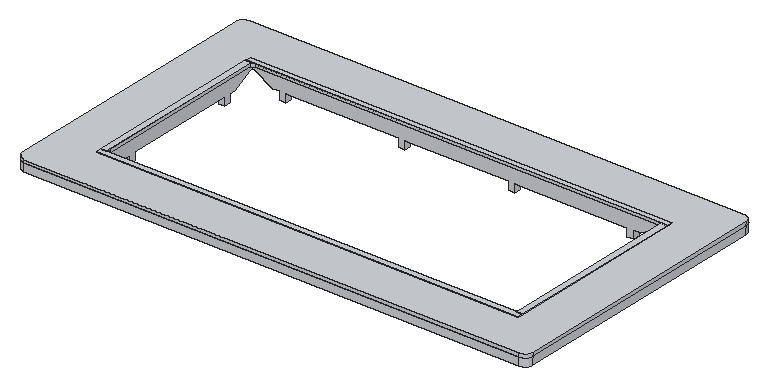
Revit family "Gira_1002225", category Electrical Fixtures, host Face, Revit 2017
Family settings
  Host = Face
  Maintain Annotation Orientation = No
  Round Connector Dimension = Use Diameter
  Part Type = Normal
  Cut with Voids When Loaded = No
  Shared = No
  Room Calculation Point = No
Parameters (values of type "Abdeckrahmen 2f o.M. flach Gira E2 Reinweiß m")
  Werkstoffgüte = "Thermoplast"
  Werkstoff = "Kunststoff"
  URL = "http://katalog.gira.de/de_DE/datenblatt.html?artikelnr=1002225"
  Transparent = "No"
  Textfeld/Beschriftungsfläche = "No"
  Schutzart (IP) = "IP20"
  Region = "DE"
  Oberfläche = "sonstige"
  Name = "Abdeckrahmen 2f o.M. flach Gira E2 Reinweiß m"
  Montagerichtung = "horizontal und vertikal"
  Mit Montagerahmen = "No"
  Mit Klappdeckel = "No"
  Manufacturer URL = "https://www.gira.de/"
  Keynote = "E2flach_Rahmen_2fach o.Mittelsteg"
  HeinzeBIM = "https://bimportal.heinze.de/bim/abdeckrahmen-2f-o-m-flach-gira-e2-reinweiss-m/dc12094783352f15eee70e11e213077dbe8a2a28"
  Halogenfrei = "Yes"
  HAN = "1002225"
  Geeignet für Unterputz-Installation = "Yes"
  Geeignet für Unterflurkanaldose = "No"
  Geeignet für Geräteeinbaukanal = "No"
  Geeignet für Einbauinstallation = "No"
  GTIN = "4010337021407"
  Farbe = "weiß"
  Default Elevation = 1219.2 mm
  Data sheet (1) = "https://katalog.gira.de/de_DE/download.html?artikelnr=1002225"
  Category = "Abdeckrahmen"
  Befestigungsart = "Klemmbefestigung"
  Available = "Yes"
  Ausführung der Oberfläche = "matt"
  Anzahl der Einheiten vertikal = "2 "
  Anzahl der Einheiten horizontal = "2 "
  Anzahl der Einheiten = "2 "
Reference planes
  plane 1 "Center (Front/Back)": y = 0
  plane 2: z = 0
  plane 3 "Center (Left/Right)": x = 0
Forms (mm)
  Extrusion 1, solid, detail levels fine
    sketch origin (0, 0, 0) x (1, 0, 0) y (0, 1, 0)
      loop
        arc (-77, 43.9) -> (-78.768, 43.168) -> (-79.5, 41.4) r 2.5
        line (-79.5, 41.4) -> (-79.5, -41.4)
        arc (-79.5, -41.4) -> (-78.768, -43.168) -> (-77, -43.9) r 2.5
        line (-77, -43.9) -> (77, -43.9)
        arc (77, -43.9) -> (78.768, -43.168) -> (79.5, -41.4) r 2.5
        line (79.5, -41.4) -> (79.5, 41.4)
        arc (79.5, 41.4) -> (78.768, 43.168) -> (77, 43.9) r 2.5
        line (77, 43.9) -> (-77, 43.9)
      loop
        spline (-63.744, -27.245) -> (-63.736, -27.363) -> (-63.713, -27.478) -> (-63.675, -27.589) -> (-63.623, -27.695) -> (-63.558, -27.792) -> (-63.481, -27.881) -> (-63.392, -27.958) -> (-63.295, -28.023) -> (-63.189, -28.075) -> (-63.078, -28.113) -> (-62.963, -28.136) -> (-62.845, -28.144)
        line (-62.845, -28.144) -> (62.845, -28.144)
        spline (62.845, -28.144) -> (62.963, -28.136) -> (63.078, -28.113) -> (63.189, -28.075) -> (63.295, -28.023) -> (63.392, -27.958) -> (63.481, -27.881) -> (63.558, -27.792) -> (63.623, -27.695) -> (63.675, -27.589) -> (63.713, -27.478) -> (63.736, -27.363) -> (63.744, -27.245)
        line (63.744, -27.245) -> (63.744, 27.245)
        spline (63.744, 27.245) -> (63.736, 27.363) -> (63.713, 27.478) -> (63.675, 27.589) -> (63.623, 27.695) -> (63.558, 27.792) -> (63.481, 27.881) -> (63.392, 27.958) -> (63.295, 28.023) -> (63.189, 28.075) -> (63.078, 28.113) -> (62.963, 28.136) -> (62.845, 28.144)
        line (62.845, 28.144) -> (-62.845, 28.144)
        spline (-62.845, 28.144) -> (-62.963, 28.136) -> (-63.078, 28.113) -> (-63.189, 28.075) -> (-63.295, 28.023) -> (-63.392, 27.958) -> (-63.481, 27.881) -> (-63.558, 27.792) -> (-63.623, 27.695) -> (-63.675, 27.589) -> (-63.713, 27.478) -> (-63.736, 27.363) -> (-63.744, 27.245)
        line (-63.744, 27.245) -> (-63.744, -27.245)
    from 2.5 to 3.4
  Extrusion 2, solid, detail levels fine
    sketch origin (0, 0, 0) x (1, 0, 0) y (0, 1, 0)
      loop
        arc (-77, 43.9) -> (-78.768, 43.168) -> (-79.5, 41.4) r 2.5
        line (-79.5, 41.4) -> (-79.5, -41.4)
        arc (-79.5, -41.4) -> (-78.768, -43.168) -> (-77, -43.9) r 2.5
        line (-77, -43.9) -> (77, -43.9)
        arc (77, -43.9) -> (78.768, -43.168) -> (79.5, -41.4) r 2.5
        line (79.5, -41.4) -> (79.5, 41.4)
        arc (79.5, 41.4) -> (78.768, 43.168) -> (77, 43.9) r 2.5
        line (77, 43.9) -> (-77, 43.9)
      loop
        arc (-77, 43.4) -> (-78.414, 42.814) -> (-79, 41.4) r 2
        line (-79, 41.4) -> (-79, -41.4)
        arc (-79, -41.4) -> (-78.414, -42.814) -> (-77, -43.4) r 2
        line (-77, -43.4) -> (77, -43.4)
        arc (77, -43.4) -> (78.414, -42.814) -> (79, -41.4) r 2
        line (79, -41.4) -> (79, 41.4)
        arc (79, 41.4) -> (78.414, 42.814) -> (77, 43.4) r 2
        line (77, 43.4) -> (-77, 43.4)
    from 0 to 2.5
  Extrusion 3, solid, detail levels fine
    sketch origin (35.6, 0, 0) x (0, -1, 0) y (0, 0, -1)
      loop
        line (-17.5, 4.06) -> (-19.5, 4.06) -> (-19.5, 1.56) -> (-21.654, 1.56) -> (-27.214, -1.65) -> (-28.144, -1.65) -> (-28.144, -3.4) -> (28.144, -3.4) -> (28.144, -1.65) -> (27.214, -1.65) -> (21.654, 1.56) -> (19.5, 1.56) -> (19.5, 4.06) -> (17.5, 4.06) -> (17.5, 1.56) -> (-17.5, 1.56) -> (-17.5, 4.06)
    from 28.144 to 30
  Extrusion 4, solid, detail levels fine
    sketch origin (0, 0, 0) x (1, 0, 0) y (0, 0, -1)
      loop
        line (-53.1, 4.06) -> (-55.1, 4.06) -> (-55.1, 1.56) -> (-57.254, 1.56) -> (-62.814, -1.65) -> (-65.6, -1.65) -> (-65.6, -3.4) -> (65.6, -3.4) -> (65.6, -1.65) -> (62.814, -1.65) -> (57.254, 1.56) -> (55.1, 1.56) -> (55.1, 4.06) -> (53.1, 4.06) -> (53.1, 1.56) -> (18.1, 1.56) -> (18.1, 4.042) -> (16.1, 4.042) -> (16.1, 1.542) -> (-16.1, 1.542) -> (-16.1, 4.042) -> (-18.1, 4.042) -> (-18.1, 1.56) -> (-53.1, 1.56) -> (-53.1, 4.06)
    from 28.144 to 30
  Extrusion 5, solid, detail levels coarse
    sketch origin (0, 0, 0) x (1, 0, 0) y (0, 1, 0)
      loop
        line (-79.5, 43.9) -> (-79.5, -43.9) -> (79.5, -43.9) -> (79.5, 43.9) -> (-79.5, 43.9)
    from -4.06 to 3.4
  Extrusion 6, solid, detail levels medium
    sketch origin (0, 0, 0) x (1, 0, 0) y (0, 1, 0)
      loop
        line (-79.5, 43.9) -> (-79.5, -43.9) -> (79.5, -43.9) -> (79.5, 43.9) -> (-79.5, 43.9)
    from 0 to 3.4
  Extrusion 7, solid, detail levels medium
    sketch origin (0, 0, 0) x (1, 0, 0) y (0, 0, -1)
      loop
        line (-53.1, 4.06) -> (-55.1, 4.06) -> (-55.1, 1.56) -> (-65.6, 1.56) -> (-65.6, -3.4) -> (65.6, -3.4) -> (65.6, 1.56) -> (55.1, 1.56) -> (55.1, 4.06) -> (53.1, 4.06) -> (53.1, 1.56) -> (18.1, 1.56) -> (18.1, 4.06) -> (16.1, 4.06) -> (16.1, 1.542) -> (-16.1, 1.542) -> (-16.1, 4.06) -> (-18.1, 4.06) -> (-18.1, 1.56) -> (-53.1, 1.56) -> (-53.1, 4.06)
    from 28.144 to 30
  Extrusion 8, solid, detail levels medium
    sketch origin (35.6, 0, 0) x (0, -1, 0) y (0, 0, -1)
      loop
        line (-17.5, 4.06) -> (-19.5, 4.06) -> (-19.5, 1.56) -> (-28.144, 1.56) -> (-28.144, -3.4) -> (28.144, -3.4) -> (28.144, 1.56) -> (19.5, 1.56) -> (19.5, 4.06) -> (17.5, 4.06) -> (17.5, 1.56) -> (-17.5, 1.56) -> (-17.5, 4.06)
    from 28.144 to 30
  Extrusion 9, solid, detail levels fine
    sketch origin (0, 0, 0) x (1, 0, 0) y (0, 0, 1)
      loop
        line (-53.1, -4.06) -> (-53.1, -1.56) -> (-18.1, -1.56) -> (-18.1, -4.042) -> (-16.1, -4.042) -> (-16.1, -1.542) -> (16.1, -1.542) -> (16.1, -4.042) -> (18.1, -4.042) -> (18.1, -1.56) -> (53.1, -1.56) -> (53.1, -4.06) -> (55.1, -4.06) -> (55.1, -1.56) -> (57.254, -1.56) -> (62.814, 1.65) -> (65.6, 1.65) -> (65.6, 3.4) -> (-65.6, 3.4) -> (-65.6, 1.65) -> (-62.814, 1.65) -> (-57.254, -1.56) -> (-55.1, -1.56) -> (-55.1, -4.06) -> (-53.1, -4.06)
    from 28.144 to 30
  Extrusion 10, solid, detail levels medium
    sketch origin (0, 0, 0) x (1, 0, 0) y (0, 0, 1)
      loop
        line (-53.1, -4.06) -> (-53.1, -1.56) -> (-18.1, -1.56) -> (-18.1, -4.06) -> (-16.1, -4.06) -> (-16.1, -1.542) -> (16.1, -1.542) -> (16.1, -4.06) -> (18.1, -4.06) -> (18.1, -1.56) -> (53.1, -1.56) -> (53.1, -4.06) -> (55.1, -4.06) -> (55.1, -1.56) -> (65.6, -1.56) -> (65.6, 3.4) -> (-65.6, 3.4) -> (-65.6, -1.56) -> (-55.1, -1.56) -> (-55.1, -4.06) -> (-53.1, -4.06)
    from 28.144 to 30
  Extrusion 11, solid, detail levels fine
    sketch origin (-35.6, 0, 0) x (0, -1, 0) y (0, 0, 1)
      loop
        line (-17.5, -4.06) -> (-17.5, -1.56) -> (17.5, -1.56) -> (17.5, -4.06) -> (19.5, -4.06) -> (19.5, -1.56) -> (21.654, -1.56) -> (27.214, 1.65) -> (28.144, 1.65) -> (28.144, 3.4) -> (-28.144, 3.4) -> (-28.144, 1.65) -> (-27.214, 1.65) -> (-21.654, -1.56) -> (-19.5, -1.56) -> (-19.5, -4.06) -> (-17.5, -4.06)
    from 28.144 to 30
  Extrusion 12, solid, detail levels medium
    sketch origin (-35.6, 0, 0) x (0, -1, 0) y (0, 0, 1)
      loop
        line (-17.5, -4.06) -> (-17.5, -1.56) -> (17.5, -1.56) -> (17.5, -4.06) -> (19.5, -4.06) -> (19.5, -1.56) -> (28.144, -1.56) -> (28.144, 3.4) -> (-28.144, 3.4) -> (-28.144, -1.56) -> (-19.5, -1.56) -> (-19.5, -4.06) -> (-17.5, -4.06)
    from 28.144 to 30
Dimensions and locks
  aligned and locked: plane 2 to host face
  aligned and locked: level to host face
